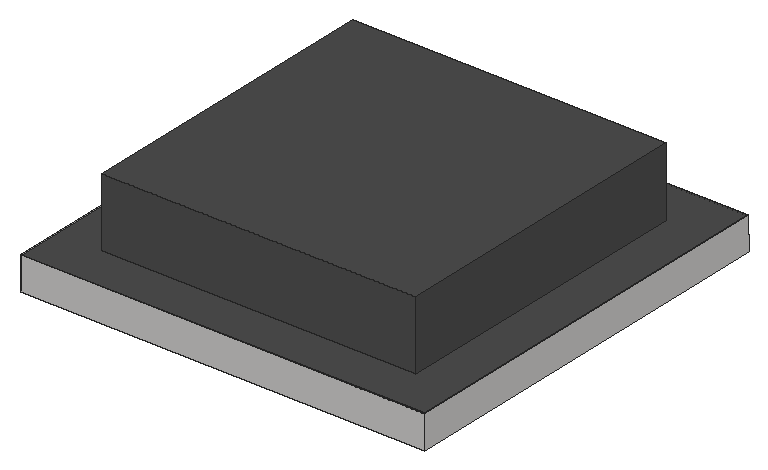
Revit family "Cielo 176 x 176", category Generic Models, Revit 2012
Parameters
  Width [instance] = 176 cm
  Venting Properties = "800 MC/H"
  Switches for hood [instance] = Switches for hood
  Stainless Steel Hood material [instance] = Stainless Steel Hood Material
  Glass for Hood [instance] = Glass
  Filter Material [instance] = Filter Material
  Depth [instance] = 176 cm
  Ceiling Insert [instance] = 30 cm
  Ceiling Ht. [instance] = 274.32 cm
  Black Steel [instance] = Black Steel
  Availability = "www.rest-agio.com"
Reference planes (cm)
  plane 1 "Center (Front/Back)": y = 0
  plane 2: z = 0
  plane 3 "Center (Left/Right)": x = 0
Forms (cm)
  Extrusion 1, solid, material "Stainless Steel Hood Material" <- "Stainless Steel Hood material"
    sketch origin (0, 0, 0) x (1, 0, 0) y (0, 1, 0)
      loop
        line (-88, 132) -> (-88, -44) -> (88, -44) -> (88, 132) -> (-88, 132)
      loop
        line (-87.81, 131.81) -> (-87.81, -43.81) -> (87.81, -43.81) -> (87.81, 131.81) -> (-87.81, 131.81)
    from 260.32 to 274.32 <- "Ceiling Ht."
  Sweep 2, solid, material "Stainless Steel Hood Material" <- "Stainless Steel Hood material"
    path origin (0, 0, 0) x (1, 0, 0) y (0, 1, 0)
      loop
        line (-68, 112) -> (-68, -24) -> (68, -24) -> (68, 112) -> (-68, 112)
    profile origin (0, 112, 0) x (0, 1, 0) y (0, 0, 1)
      loop
        line (0.19, 267.2633) -> (0.19, 267.6303) -> (0, 267.6303) -> (0, 267.1303) -> (19.81, 259.92) -> (20, 259.92) -> (20, 260.32) -> (19.2665, 260.32) -> (0.19, 267.2633)
  Extrusion 3, solid, material "Stainless Steel Hood Material"
    sketch origin (0, 43.2015, 0) x (1, 0, 0) y (0, 1, 0)
      loop
        line (-66.5, 22.5) -> (-66.5, -22.5) -> (-23, -22.5) -> (-23, 22.5) -> (-66.5, 22.5)
      loop
        line (-21.5, 22.5) -> (-21.5, -22.5) -> (21.5, -22.5) -> (21.5, 22.5) -> (-21.5, 22.5)
      loop
        line (23, 22.5) -> (23, -22.5) -> (66.5, -22.5) -> (66.5, 22.5) -> (23, 22.5)
    from 267.1303 to 267.6303
  Extrusion 4, solid, material "Glass" <- "Glass for Hood"
    sketch origin (0, 43.2015, 0) x (1, 0, 0) y (0, 1, 0)
      loop
        line (12, 12) -> (0, 12) -> (-12, 12) -> (-12, 0) -> (-12, -12) -> (0, -12) -> (12, -12) -> (12, 0) -> (12, 12)
    from 265 to 265.6
  Extrusion 5, solid, material "Stainless Steel Hood Material"
    sketch origin (0, 43.2015, 0) x (1, 0, 0) y (0, 1, 0)
      loop
        circle (-9.8787, 9.8787) r 0.635
      loop
        circle (-9.8787, 9.8787) r 0.435
    from 265 to 267.1303
  Extrusion 6, solid, material "Stainless Steel Hood Material"
    sketch origin (0, 43.2015, 0) x (-1, 0, 0) y (0, -1, 0)
      loop
        circle (-9.8787, -9.8787) r 0.635
      loop
        circle (-9.8787, -9.8787) r 0.435
    from 265 to 267.1303
  Extrusion 7, solid, material "Stainless Steel Hood Material"
    sketch origin (0, 43.2015, 0) x (1, 0, 0) y (0, 1, 0)
      loop
        circle (-9.8787, -9.8787) r 0.635
      loop
        circle (-9.8787, -9.8787) r 0.435
    from 265 to 267.1303
  Extrusion 8, solid, material "Stainless Steel Hood Material"
    sketch origin (0, 43.2015, 0) x (-1, 0, 0) y (0, -1, 0)
      loop
        circle (-9.8787, 9.8787) r 0.635
      loop
        circle (-9.8787, 9.8787) r 0.435
    from 265 to 267.1303
  Extrusion 9, solid, material "Stainless Steel Hood Material"
    sketch origin (0, 43.2015, 0) x (1, 0, 0) y (0, 1, 0)
      loop
        circle (-9.8787, 9.8787) r 0.635
    from 264.7 to 265
  Extrusion 10, solid, material "Stainless Steel Hood Material"
    sketch origin (0, 43.2015, 0) x (-1, 0, 0) y (0, -1, 0)
      loop
        circle (-9.8787, -9.8787) r 0.635
    from 264.7 to 265
  Extrusion 11, solid, material "Stainless Steel Hood Material"
    sketch origin (0, 43.2015, 0) x (1, 0, 0) y (0, 1, 0)
      loop
        circle (-9.8787, -9.8787) r 0.635
    from 264.7 to 265
  Extrusion 12, solid, material "Stainless Steel Hood Material"
    sketch origin (0, 43.2015, 0) x (-1, 0, 0) y (0, -1, 0)
      loop
        circle (-9.8787, 9.8787) r 0.635
    from 264.7 to 265
  Extrusion 13, solid, material "Black Steel" <- "Black Steel"
    sketch origin (0, 0, 0) x (1, 0, 0) y (0, 1, 0)
      loop
        line (-68, 111.81) -> (-68, -24) -> (68, -24) -> (68, 111.81) -> (-68, 111.81)
    from 273 to 304.32
  Extrusion 14, solid, material "Black Steel" <- "Black Steel"
    sketch origin (0, 0, 0) x (1, 0, 0) y (0, 1, 0)
      loop
        line (-68, 111.81) -> (-68, -24) -> (68, -24) -> (68, 111.81) -> (-68, 111.81)
      loop
        line (-68.19, 112) -> (-68.19, -24.19) -> (68.19, -24.19) -> (68.19, 112) -> (-68.19, 112)
    from 267.6303 to 304.32
  Extrusion 15, solid, material "Black Steel"
    sketch origin (0, 0, 0) x (1, 0, 0) y (0, 1, 0)
      loop
        line (-87.81, -43.81) -> (87.81, -43.81) -> (87.81, 132) -> (-87.81, 132) -> (-87.81, -43.81)
      loop
        line (-68, 112.19) -> (-68, -24) -> (68, -24) -> (68, 112.19) -> (-68, 112.19)
    from 274 to 274.32 <- "Ceiling Ht."
  Extrusion 16, solid, material "Stainless Steel Hood Material" <- "Stainless Steel Hood material"
    sketch origin (0, 0, 0) x (1, 0, 0) y (0, 1, 0)
      loop
        line (-66.5, 110.5331) -> (-66.5, 67.2665) -> (-23, 67.2665) -> (-23, 110.5331) -> (-66.5, 110.5331)
      loop
        line (-21.5, 67.2665) -> (21.5, 67.2665) -> (21.5, 110.5331) -> (-21.5, 110.5331) -> (-21.5, 67.2665)
      loop
        line (66.5, 110.5331) -> (23, 110.5331) -> (23, 67.2665) -> (66.5, 67.2665) -> (66.5, 110.5331)
      loop
        line (-66.5, 19.2665) -> (-66.5, -24) -> (-23, -24) -> (-23, 19.2665) -> (-66.5, 19.2665)
      loop
        line (-21.5, -24) -> (21.5, -24) -> (21.5, 19.2665) -> (-21.5, 19.2665) -> (-21.5, -24)
      loop
        line (23, -24) -> (66.5, -24) -> (66.5, 19.2665) -> (23, 19.2665) -> (23, -24)
    from 267.13 to 267.63
Cuts and joins
  joined: Extrusion 1, Sweep 2
  joined: Extrusion 8, Extrusion 12
  joined: Extrusion 7, Extrusion 11
  joined: Extrusion 5, Extrusion 9
  joined: Extrusion 6, Extrusion 10
  joined: Extrusion 13, Extrusion 14
Lines and regions (cm)
  reference lines
    curve 1: line (0, 103.8322, 274.32) -> (0, -200.1678, 274.32)
    curve 2: line (-88, 132, 0) -> (-88, -44, 0)
    curve 3: line (88, 132, 0) -> (88, -44, 0)
    curve 4: line (-88, 132, 0) -> (88, 132, 0)
    curve 5: line (-88, -44, 0) -> (88, -44, 0)
    curve 6: line (0, 44, 259.92) -> (0, 43.81, 259.92)
    curve 7: line (0, 44, 260.32) -> (0, 44, 259.92)
    curve 8: line (0, 44, 260.32) -> (0, 43.2665, 260.32)
    curve 9: line (-66.5, 19.2665, 0) -> (-23, 19.2665, 0)
    curve 10: line (0, 44, 274.32) -> (0, 44, 277.32)
    curve 11: line (0, 24, 267.1303) -> (0, 24, 267.6303)
    curve 12: line (0, 43.81, 259.92) -> (0, 24, 267.1303)
    curve 13: line (0, 43.2665, 260.32) -> (0, 24.19, 267.2633)
    curve 14: line (0, 24.19, 267.2633) -> (0, 24.19, 267.6303)
    curve 15: line (0, 24.19, 267.6303) -> (0, 24, 267.6303)
    curve 16: line (-66.5, 20.7665, 0) -> (-23, 20.7665, 0)
    curve 17: line (66.5, 65.7665, 0) -> (66.5, 20.7665, 0)
    curve 18: line (-21.5, 65.7665, 0) -> (-21.5, 20.7665, 0)
    curve 19: line (21.5, 65.7665, 0) -> (21.5, 20.7665, 0)
    curve 20: line (-23, 65.7665, 0) -> (-23, 20.7665, 0)
    curve 21: line (23, 65.7665, 0) -> (23, 20.7665, 0)
    curve 22: line (-21.5, 65.7665, 0) -> (21.5, 65.7665, 0)
    curve 23: line (-21.5, 20.7665, 0) -> (21.5, 20.7665, 0)
    curve 24: line (23, 20.7665, 0) -> (66.5, 20.7665, 0)
    curve 25: line (23, 65.7665, 0) -> (66.5, 65.7665, 0)
    curve 26: line (-12, 43.2665, 0) -> (-12, 55.2665, 0)
    curve 27: line (0, 55.2665, 0) -> (0, 54.7665, 0)
    curve 28: line (-12, 55.2665, 0) -> (0, 55.2665, 0)
    curve 29: line (12, 43.2665, 0) -> (12, 55.2665, 0)
    curve 30: line (12, 55.2665, 0) -> (0, 55.2665, 0)
    curve 31: line (-12, 43.2665, 0) -> (-12, 31.2665, 0)
    curve 32: line (-12, 31.2665, 0) -> (0, 31.2665, 0)
    curve 33: line (12, 43.2665, 0) -> (12, 31.2665, 0)
    curve 34: line (12, 31.2665, 0) -> (0, 31.2665, 0)
    curve 35: line (-12, 55.2665, 0) -> (-9.8787, 53.1452, 0)
    curve 36: circle (-9.8787, 53.1452, 0) r 0.635 normal (0, 0, 1)
    curve 37: circle (9.8787, 53.1452, 0) r 0.635 normal (0, 0, -1)
    curve 38: circle (-9.8787, 33.3879, 0) r 0.635 normal (0, 0, -1)
    curve 39: circle (9.8787, 33.3879, 0) r 0.635 normal (0, 0, 1)
    curve 40: line (0, 43.2665, 0) -> (-12, 55.2665, 0)
    curve 41: line (-6, 49.2665, 0) -> (-7.0607, 48.2059, 0)
    curve 42: line (0, 30.2457, 304.32) -> (0, -27.7543, 304.32)
    curve 43: line (-66.5, -24, 0) -> (-23, -24, 0)
    curve 44: line (-23, -24, 0) -> (-23, 19.2665, 0)
    curve 45: line (-66.5, 19.2665, 0) -> (-66.5, -24, 0)
    curve 46: line (66.5, 19.2665, 0) -> (23, 19.2665, 0)
    curve 47: line (66.5, -24, 0) -> (23, -24, 0)
    curve 48: line (23, -24, 0) -> (23, 19.2665, 0)
    curve 49: line (66.5, 19.2665, 0) -> (66.5, -24, 0)
    curve 50: line (-21.5, 19.2665, 0) -> (-21.5, -24, 0)
    curve 51: line (-21.5, -24, 0) -> (21.5, -24, 0)
    curve 52: line (21.5, -24, 0) -> (21.5, 19.2665, 0)
    curve 53: line (21.5, 19.2665, 0) -> (-21.5, 19.2665, 0)
    curve 54: line (-66.5, 67.2665, 0) -> (-23, 67.2665, 0)
    curve 55: line (-66.5, 110.5331, 0) -> (-23, 110.5331, 0)
    curve 56: line (-23, 110.5331, 0) -> (-23, 67.2665, 0)
    curve 57: line (-66.5, 67.2665, 0) -> (-66.5, 110.5331, 0)
    curve 58: line (66.5, 67.2665, 0) -> (23, 67.2665, 0)
    curve 59: line (66.5, 110.5331, 0) -> (23, 110.5331, 0)
    curve 60: line (23, 110.5331, 0) -> (23, 67.2665, 0)
    curve 61: line (66.5, 67.2665, 0) -> (66.5, 110.5331, 0)
    curve 62: line (-21.5, 67.2665, 0) -> (-21.5, 110.5331, 0)
    curve 63: line (-21.5, 110.5331, 0) -> (21.5, 110.5331, 0)
    curve 64: line (21.5, 110.5331, 0) -> (21.5, 67.2665, 0)
    curve 65: line (21.5, 67.2665, 0) -> (-21.5, 67.2665, 0)
Dimensions and locks (cm)
  "Ceiling Ht.": level to curve 1
  "Width": curve 2 to curve 3
  "Depth": curve 5 to curve 4
  equal spacing: curve 2, curve 1, curve 3
  "Ceiling Insert": cut or joined group of Extrusion 1, Sweep 2 to curve 42
  aligned and locked: plane 2 to level
Automatic sketch dimensions
  plane 1 "Center (Front/Back)" to Extrusion 1 sketch curve = 44 cm
  Extrusion 1 sketch curve to plane 3 "Center (Left/Right)" = 88 cm
  Extrusion 1 sketch curve to Extrusion 1 sketch curve = 0.19 cm  (x4)
  Extrusion 1 sketch curve to plane 1 "Center (Front/Back)" = 131.81 cm
  plane 3 "Center (Left/Right)" to Extrusion 1 sketch curve = 87.81 cm
  Sweep 2 sketch curve to profile plane = 0 cm
  Sweep 2 sketch curve to profile plane = 0.19 cm
  Sweep 2 sketch curve to profile plane = 19.2665 cm
  Sweep 2 sketch curve to Sweep 2 sketch curve = 0.5435 cm
  Sweep 2 sketch curve to Sweep 2 sketch curve = 0.19 cm
  level to Sweep 2 sketch curve = 259.92 cm
  Sweep 2 sketch curve to Sweep 2 sketch curve = 0.4 cm
  Sweep 2 sketch curve to Sweep 2 sketch curve = 6.8103 cm
  Sweep 2 sketch curve to Sweep 2 sketch curve = 0.133 cm
  Sweep 2 sketch curve to Sweep 2 sketch curve = 0.367 cm
  Extrusion 3 sketch curve to plane 1 "Center (Front/Back)" = 20.7015 cm  (x2)
  Extrusion 3 sketch curve to plane 3 "Center (Left/Right)" = 66.5 cm
  Extrusion 3 sketch curve to plane 3 "Center (Left/Right)" = 23 cm
  Extrusion 3 sketch curve to Extrusion 3 sketch curve = 1.5 cm  (x2)
  plane 3 "Center (Left/Right)" to Extrusion 3 sketch curve = 21.5 cm
  Extrusion 3 sketch curve to Extrusion 3 sketch curve = 43.5 cm
  Extrusion 3 sketch curve to Extrusion 3 sketch curve = 0 cm  (x2)
  Extrusion 3 sketch curve to plane 1 "Center (Front/Back)" = 65.7015 cm  (x2)
  Extrusion 4 sketch curve to plane 1 "Center (Front/Back)" = 43.2015 cm  (x2)
  Extrusion 4 sketch curve to plane 3 "Center (Left/Right)" = 0 cm  (x2)
  Extrusion 4 sketch curve to Extrusion 4 sketch curve = 12 cm  (x2)
  plane 3 "Center (Left/Right)" to Extrusion 4 sketch curve = 12 cm
  Extrusion 4 sketch curve to plane 1 "Center (Front/Back)" = 55.2015 cm
  Extrusion 5 sketch curve to Extrusion 5 sketch curve = 0 cm  (x2)
  Extrusion 5 sketch curve to plane 3 "Center (Left/Right)" = 9.8787 cm
  Extrusion 5 sketch curve to plane 1 "Center (Front/Back)" = 53.0802 cm
  Extrusion 6 sketch curve to Extrusion 6 sketch curve = 0 cm  (x2)
  Extrusion 6 sketch curve to plane 3 "Center (Left/Right)" = 9.8787 cm
  plane 1 "Center (Front/Back)" to Extrusion 6 sketch curve = 53.0802 cm
  Extrusion 7 sketch curve to Extrusion 7 sketch curve = 0 cm  (x2)
  plane 3 "Center (Left/Right)" to Extrusion 7 sketch curve = 9.8787 cm
  plane 1 "Center (Front/Back)" to Extrusion 7 sketch curve = 33.3229 cm
  Extrusion 8 sketch curve to Extrusion 8 sketch curve = 0 cm  (x2)
  plane 3 "Center (Left/Right)" to Extrusion 8 sketch curve = 9.8787 cm
  Extrusion 8 sketch curve to plane 1 "Center (Front/Back)" = 33.3229 cm
  Extrusion 10 sketch curve to plane 3 "Center (Left/Right)" = 9.8787 cm
  plane 1 "Center (Front/Back)" to Extrusion 10 sketch curve = 53.0802 cm
  plane 3 "Center (Left/Right)" to Extrusion 11 sketch curve = 9.8787 cm
  plane 1 "Center (Front/Back)" to Extrusion 11 sketch curve = 33.3229 cm
  plane 3 "Center (Left/Right)" to Extrusion 12 sketch curve = 9.8787 cm
  Extrusion 12 sketch curve to plane 1 "Center (Front/Back)" = 33.3229 cm
  Extrusion 13 sketch curve to plane 3 "Center (Left/Right)" = 68 cm
  Extrusion 13 sketch curve to plane 1 "Center (Front/Back)" = 111.81 cm
  plane 3 "Center (Left/Right)" to Extrusion 13 sketch curve = 68 cm
  plane 1 "Center (Front/Back)" to Extrusion 13 sketch curve = 24 cm
  Extrusion 14 sketch curve to plane 3 "Center (Left/Right)" = 68 cm
  Extrusion 14 sketch curve to plane 1 "Center (Front/Back)" = 111.81 cm
  plane 3 "Center (Left/Right)" to Extrusion 14 sketch curve = 68 cm
  plane 1 "Center (Front/Back)" to Extrusion 14 sketch curve = 24 cm
  Extrusion 14 sketch curve to Extrusion 14 sketch curve = 0.19 cm  (x4)
  plane 1 "Center (Front/Back)" to curve 1 = 200.1678 cm
  plane 1 "Center (Front/Back)" to curve 42 = 27.7543 cm
  curve 15 to plane 1 "Center (Front/Back)" = 24 cm
  curve 11 to curve 13 = 0.19 cm
  curve 14 to curve 42 = 6.0557 cm
  curve 13 to curve 8 = 19.0765 cm
  curve 8 to curve 6 = 0.5435 cm
  curve 6 to curve 7 = 0.19 cm
  curve 10 to curve 7 = 0 cm
  curve 10 to curve 1 = 59.8322 cm
  curve 15 to curve 10 = 6.6897 cm
  curve 14 to curve 14 = 0.367 cm
  curve 11 to curve 13 = 0.133 cm
  curve 13 to curve 10 = 14 cm
  curve 7 to curve 7 = 0.4 cm
  curve 10 to curve 10 = 3 cm
  curve 11 to curve 42 = 36.6897 cm
  plane 1 "Center (Front/Back)" to Sweep 2 sketch curve = 24 cm
  Sweep 2 sketch curve to plane 3 "Center (Left/Right)" = 68 cm
  plane 3 "Center (Left/Right)" to Sweep 2 sketch curve = 68 cm
  Sweep 2 sketch curve to plane 1 "Center (Front/Back)" = 112 cm
  Extrusion 15 sketch curve to plane 3 "Center (Left/Right)" = 87.81 cm
  Extrusion 15 sketch curve to Extrusion 15 sketch curve = 19.81 cm  (x3)
  plane 3 "Center (Left/Right)" to Extrusion 15 sketch curve = 68 cm
  plane 1 "Center (Front/Back)" to Extrusion 15 sketch curve = 43.81 cm
  plane 1 "Center (Front/Back)" to Extrusion 15 sketch curve = 24 cm
  Extrusion 15 sketch curve to plane 1 "Center (Front/Back)" = 112.19 cm
  curve 32 to plane 3 "Center (Left/Right)" = 0 cm
  curve 30 to plane 3 "Center (Left/Right)" = 0 cm
  curve 40 to plane 3 "Center (Left/Right)" = 0 cm
  curve 54 to plane 3 "Center (Left/Right)" = 66.5 cm
  curve 2 to curve 45 = 21.5 cm
  curve 16 to plane 3 "Center (Left/Right)" = 23 cm
  curve 44 to plane 3 "Center (Left/Right)" = 23 cm
  curve 9 to curve 53 = 1.5 cm
  curve 16 to curve 23 = 1.5 cm
  curve 55 to curve 62 = 1.5 cm
  curve 40 to plane 3 "Center (Left/Right)" = 12 cm
  curve 26 to curve 35 = 2.1213 cm
  curve 31 to curve 38 = 2.1213 cm  (x2)
  curve 36 to curve 35 = 0 cm  (x2)
  curve 35 to curve 41 = 2.818 cm
  curve 41 to curve 41 = 1.0607 cm
  plane 3 "Center (Left/Right)" to curve 37 = 9.8787 cm
  plane 3 "Center (Left/Right)" to curve 39 = 9.8787 cm
  curve 39 to curve 34 = 2.1213 cm
  plane 3 "Center (Left/Right)" to curve 64 = 21.5 cm
  curve 19 to curve 64 = 0 cm
  curve 53 to curve 19 = 0 cm
  curve 19 to curve 24 = 1.5 cm
  curve 52 to curve 46 = 1.5 cm
  curve 64 to curve 60 = 1.5 cm
  curve 21 to curve 25 = 43.5 cm
  curve 58 to curve 17 = 0 cm
  curve 47 to curve 3 = 21.5 cm
  plane 1 "Center (Front/Back)" to curve 2 = 44 cm
  plane 1 "Center (Front/Back)" to curve 52 = 24 cm
  curve 51 to curve 48 = 0 cm
  plane 1 "Center (Front/Back)" to curve 45 = 24 cm
  curve 50 to plane 1 "Center (Front/Back)" = 19.2665 cm
  curve 9 to curve 50 = 0 cm
  curve 49 to plane 1 "Center (Front/Back)" = 19.2665 cm
  curve 46 to curve 21 = 1.5 cm
  curve 9 to curve 20 = 1.5 cm
  curve 16 to curve 23 = 0 cm
  curve 18 to curve 34 = 10.5 cm
  curve 33 to curve 39 = 2.1213 cm
  curve 32 to curve 40 = 12 cm
  curve 39 to curve 33 = 9.8787 cm
  curve 38 to curve 26 = 9.8787 cm
  curve 26 to curve 41 = 4.9393 cm
  curve 35 to curve 26 = 2.1213 cm
  curve 37 to curve 29 = 2.1213 cm
  curve 27 to curve 27 = 0.5 cm
  curve 17 to curve 25 = 45 cm
  curve 22 to curve 21 = 0 cm
  curve 20 to curve 18 = 0 cm
  curve 54 to curve 62 = 0 cm
  curve 57 to curve 2 = 21.4669 cm
  curve 59 to curve 3 = 21.4669 cm
  curve 63 to curve 60 = 0 cm
  curve 56 to curve 20 = 0 cm
  curve 16 to curve 9 = 0 cm
  curve 19 to curve 64 = 1.5 cm
  curve 17 to curve 61 = 1.5 cm
  Extrusion 16 sketch curve to plane 3 "Center (Left/Right)" = 66.5 cm
  Extrusion 16 sketch curve to plane 3 "Center (Left/Right)" = 23 cm  (x2)
  Extrusion 16 sketch curve to plane 1 "Center (Front/Back)" = 67.2665 cm
  Extrusion 16 sketch curve to Extrusion 16 sketch curve = 43.2665 cm  (x2)
  Extrusion 16 sketch curve to Extrusion 16 sketch curve = 1.5 cm  (x4)
  plane 3 "Center (Left/Right)" to Extrusion 16 sketch curve = 21.5 cm  (x2)
  Extrusion 16 sketch curve to Extrusion 16 sketch curve = 0 cm  (x7)
  Extrusion 16 sketch curve to Extrusion 16 sketch curve = 45 cm
  Extrusion 16 sketch curve to plane 1 "Center (Front/Back)" = 19.2665 cm  (x2)
  Extrusion 16 sketch curve to Extrusion 16 sketch curve = 43.5 cm
  plane 1 "Center (Front/Back)" to Extrusion 16 sketch curve = 24 cm
  radius of Extrusion 5 sketch curve = 0.635 cm
  radius of Extrusion 5 sketch curve = 0.435 cm
  radius of Extrusion 6 sketch curve = 0.635 cm
  radius of Extrusion 6 sketch curve = 0.435 cm
  radius of Extrusion 7 sketch curve = 0.635 cm
  radius of Extrusion 7 sketch curve = 0.435 cm
  radius of Extrusion 8 sketch curve = 0.635 cm
  radius of Extrusion 8 sketch curve = 0.435 cm
  radius of Extrusion 10 sketch curve = 0.635 cm
  radius of Extrusion 11 sketch curve = 0.635 cm
  radius of Extrusion 12 sketch curve = 0.635 cm
  radius of curve 36 = 0.635 cm
  radius of curve 37 = 0.635 cm
  radius of curve 38 = 0.635 cm
  radius of curve 39 = 0.635 cm
Nested families (cm)
  nested 1: "CookingHood_Light" at (-6.1518, 49.2015, 129.9482), type "CookingHood_Light"
  nested 2: "CookingHood_Light" at (6.1518, 49.2015, 129.9482) x (-1, 0, 0) z (0, 0, 1), type "CookingHood_Light"
  nested 3: "CookingHood_Light" at (-6.1518, 37.2015, 129.9482), type "CookingHood_Light"
  nested 4: "CookingHood_Light" at (6.1518, 37.2015, 129.9482) x (-1, 0, 0) z (0, 0, 1), type "CookingHood_Light"
Definition of nested family "CookingHood_Light"
  Parameters (values of type "CookingHood_Light")
    Wattage = 5.38568 W
    built-in parameter 1150110 = 1 (stored number, unit not read)
    built-in parameter 1114217 = 1 (stored number, unit not read)
    built-in parameter 1150109 = 1 (stored number, unit not read)
    built-in parameter 1150134 = (empty or 0)
    built-in parameter 1150113 = 1 (stored number, unit not read)
    Lumens = 800 lm
    built-in parameter 1010506 = 0.5236 (stored number, unit not read)
    built-in parameter 1010507 = 1.0472 (stored number, unit not read)
    Tilt Angle = 90.00°
    built-in parameter 1150115 = 1 (stored number, unit not read)
    built-in parameter 1150105 = 2674.9 (stored number, unit not read)
    Light Source Symbol Length = 60.96 cm
    built-in parameter 1150137 = (empty or 0)
    built-in parameter 1150139 = (empty or 0)
    built-in parameter 1150112 = 1 (stored number, unit not read)
    built-in parameter 1150114 = 1 (stored number, unit not read)
    built-in parameter 1150132 = 2
    built-in parameter 1150102 = (empty or 0)
    built-in parameter 1150138 = (empty or 0)
    built-in parameter 1150107 = 3000 (stored number, unit not read)
    built-in parameter 1150106 = 26.749 (stored number, unit not read)
    built-in parameter 1150104 = 13.8 (stored number, unit not read)
    Dimming Lamp Color Temperature Shift = (empty or 0)
    Color Filter = 16777215
    built-in parameter 1114218 = 1 (stored number, unit not read)
    built-in parameter 1150133 = 10 (stored number, unit not read)
  Reference planes (cm)
    plane 1 "Tilt Plane": y = 0
    plane 2: z = 0
    plane 3 "Light Source Axis (L/R)": x = 0
    plane 4 "Light Source Elevation": z = 137.16
  Forms (cm)
    Revolve 1, solid
      sketch origin (0, 0, 0) x (1, 0, 0) y (0, 0, 1)
        loop
          line (-1.7393, 137.3151) -> (-1.905, 137.3151) -> (-1.905, 137.16) -> (-1.5875, 137.16)
          arc (-1.5875, 137.16) -> (-1.1225, 138.2825) -> (0, 138.7475) r 1.5875
          line (0, 138.7475) -> (0, 138.9062)
          arc (0, 138.9062) -> (-1.1787, 138.4485) -> (-1.7393, 137.3151) r 1.7463
        axis (0, 137.16) -> (0, 138.9062)
      angle from 0 to 360
  Text (cm)
    text "0 Tilt Angle" at (80.9978, -457.2, 158.6413), in view "Front"
    text "270" at (-33.1585, -457.2, 248.8248), in view "Front"
    text "180" at (-113.068, -457.2, 158.6413), in view "Front"
    text "90" at (-32.0169, -457.2, 45.6265), in view "Front"
    text "0 Tilt Angle" at (195.2354, 457.2, 154.298), in view "Back"
    text "180" at (-87.6627, 457.2, 152.4796), in view "Back"
    text "270" at (36.7014, 457.2, 269.8908), in view "Back"
    text "90" at (30.4215, 457.2, 66.6926), in view "Back"
  Dimensions and locks (cm)
    locked: plane 3 "Light Source Axis (L/R)" to Revolve 1 sketch curve at 1.905
    aligned and locked: plane 3 "Light Source Axis (L/R)" to imposter light
    aligned and locked: plane 1 "Tilt Plane" to imposter light
    aligned and locked: plane 4 "Light Source Elevation" to imposter light
    aligned and locked: imposter light to Revolve 1 sketch curve
